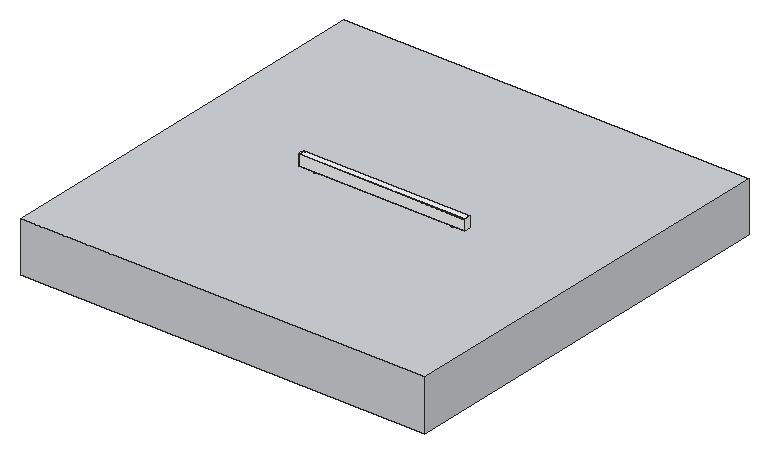
Revit family "en-halla-deli-surfacerfa", category Осветительные приборы, Revit 2017
Family settings
  Основа = Грань
  Размер круглого соединителя = Использовать диаметр
  Тип детали = Нормальный
  Номер OmniClass = 23.80.70.11.11
  Заголовок OmniClass = General Luminaries, Non Directional
  При загрузке вырезать с полостями = Нет
  Источник света = Нет
  Общий = Нет
  Точка расчета площади = Нет
Parameters
  Полная установленная мощность = Power input  # 84 VA
  Youtube clip = ""
  Weight Net (Kg) = "0"
  Изготовитель = "HALLA"  # constant formula
  Default Elevation = 2000 mm
  Voltage = ""
  Uniclass 2.0 Description = "Luminaires And Lamps"
  Uniclass 2.0 Code = "PR-49"
  Uniclass 1.4 Description = "Luminaires and lamps"
  Uniclass 1.4 Code = "JY73"
  URL = "http://www.halla.cz"
  UNSPSC Code = "3911"
  Technical description = ""
  Switched on [instance] = yes
  Switched off [instance] = not(Switched on)  # no
  Suspension height = 10 mm  # constant formula
  Source used = ""
  Source type = ""
  Shape of luminaire = ""
  Region South America = "All"
  Region Oceania = "All"
  Region North America = "All"
  Region Middle East = "All"
  Region Europe = "All"
  Region Asia = "All"
  Region Antarctica = "All"
  Region Africa = "All"
  QR code = "http://file-system.ru/catalog/zdaniya_i_sooruzheniya/interer/osveshchenie/halla_deli_svetilnik/"
  Accessory - right end cap [instance] = yes
  Accessory - left end cap [instance] = yes
  Protection class = ""
  Product group = "DELI"
  Product family = "Indoor Luminaires"
  Product data url = ""
  Product code = ""
  Product certification = ""
  Product URL = ""
  Product SKU = "deli"
  Price (EUR) = 0
  Power input = 84 W
  Description = ""
  Optics type = ""
  Source distance = Lighting length / 4  # 250 mm
  Suspension distance from axis = (Lighting length - Lighting length * 0.08475 * 2) / 2  # 415.25 mm
  Number of sources = 1
  Nominal width = "0.00"
  Nominal height = "0.00"
  NBS Reference Description = "Luminaires And Lamps"
  NBS Reference Code = "49"
  Model = ""
  Material secondary = ""
  Material of luminaire = "Hliník"
  Material main = "Aluminium"
  Manufacturer name = "HALLA"
  Manufacturer country = "Czech Republic"
  Lighting width = 38 mm
  Lighting source distance [instance] = 74.1 mm
  Lighting length = 1000 mm
  Lighting height = 64 mm
  Lighting dimensions = ""
  LED source = yes
  Installation instructions = ""
  Installation instruction = ""
  Initial intensity = ""
  Initial colour = ""
  IP Code = ""
  IFC Classification = "Light Fixture"
  Frequency = ""
  Energy class = ""
  Electric potential = 230 V  # constant formula
  Код по классификатору = "D5020230"
  Edition number = "1"
  EAN code = ""
  EAN = ""
  Lighting surface length = Lighting length / 2  # 500 mm
  Distribution = ""
  Designer = ""
  Design country = "Czech Republic"
  Depth = "38.00"
  Date of publishing = "2014-12-13"
  Data sheet = ""
  Control gear option = ""
  Colour of luminaire = Aluminium - white
  COBIe Type Category = ""
Reference planes
  plane 1 "Střed (vpředu/vzadu)": y = 0
  plane 2: z = 0
  plane 3 "Střed (vlevo/vpravo)": x = 0
  plane 4 "BP_Světlo spodní": z = 10
  plane 5 "BP_Světlo horní": z = 74
  plane 6: x = -500
  plane 7: x = 500
  plane 8 "BP_Zdroj světla": z = 42
  plane 9 "BP_Napojení horní": y = 19
  plane 10: y = -19
Forms (mm)
  Extrusion 1, solid
    sketch origin (0, 0, 0) x (1, 0, 0) y (0, 1, 0)
      loop
        line (-1219.2, 1219.2) -> (-1219.2, -1219.2) -> (1219.2, -1219.2) -> (1219.2, 1219.2) -> (-1219.2, 1219.2)
    from 0 to -304.8
  Extrusion 2, solid, material "Aluminium - white" <- "Colour of luminaire"
    sketch origin (0, 0, 0) x (0, 1, 0) y (0, 0, 1)
      loop
        line (-19, 72) -> (-19, 10) -> (0, 10) -> (19, 10) -> (19, 72) -> (17, 72) -> (17, 11.5) -> (0, 11.5) -> (-17, 11.5) -> (-17, 72) -> (-19, 72)
    from -500 to 500
  Extrusion 3, solid, material "Diffuser - light switched on", visible <- "Switched off"
    sketch origin (0, 0, 0) x (0, 1, 0) y (0, 0, 1)
      loop
        line (17, 68.574) -> (17, 74) -> (-17, 74) -> (-17, 68.574) -> (-15.3, 68.574) -> (-15.3, 72.418) -> (15.3, 72.418) -> (15.3, 68.574) -> (17, 68.574)
    from -500 to 500
  Extrusion 4, solid, material "Diffuser - light switched off", visible <- "Switched on"
    sketch origin (0, 0, 0) x (0, 1, 0) y (0, 0, 1)
      loop
        line (17, 68.574) -> (17, 74) -> (-17, 74) -> (-17, 68.574) -> (-15.3, 68.574) -> (-15.3, 72.418) -> (15.3, 72.418) -> (15.3, 68.574) -> (17, 68.574)
    from -500 to 500
Dimensions and locks
  equal spacing: plane 6, plane 3 "Střed (vlevo/vpravo)", plane 7
  "Lighting length": plane 6 to plane 7
  "Lighting width": plane 9 "BP_Napojení horní" to plane 10
  equal spacing: plane 9 "BP_Napojení horní", plane 1 "Střed (vpředu/vzadu)", plane 10
  equal spacing: plane 5 "BP_Světlo horní", plane 8 "BP_Zdroj světla", plane 4 "BP_Světlo spodní"
  "Suspension height": plane 4 "BP_Světlo spodní" to Extrusion 1
  "Lighting height": plane 5 "BP_Světlo horní" to plane 4 "BP_Světlo spodní"
  "Suspension distance from axis": nested 2 to plane 3 "Střed (vlevo/vpravo)"
  "Suspension distance from axis": plane 3 "Střed (vlevo/vpravo)" to nested 1
  "Source distance": nested 6 to plane 3 "Střed (vlevo/vpravo)"
  "Source distance": plane 3 "Střed (vlevo/vpravo)" to nested 5
  aligned and locked: plane 2 to Extrusion 1
  aligned and locked: level to Extrusion 1
  aligned and locked: Extrusion 2 to plane 7
  aligned and locked: Extrusion 2 to plane 6
  aligned and locked: Extrusion 3 to plane 7
  aligned and locked: Extrusion 3 to plane 6
  aligned and locked: plane 1 "Střed (vpředu/vzadu)" to nested 4
  aligned and locked: nested 4 to plane 6
  aligned and locked: nested 3 to plane 7
  aligned and locked: plane 1 "Střed (vpředu/vzadu)" to nested 3
  aligned and locked: nested 6 to plane 1 "Střed (vpředu/vzadu)"
  aligned and locked: nested 5 to plane 1 "Střed (vpředu/vzadu)"
  aligned and locked: Extrusion 4 to plane 7
  aligned and locked: Extrusion 4 to plane 6
Automatic sketch dimensions
  Extrusion 1 sketch curve to Extrusion 1 sketch curve = 2438.4 mm  (x2)
  Extrusion 2 sketch curve to plane 10 = 0 mm
  Extrusion 2 sketch curve to plane 1 "Střed (vpředu/vzadu)" = 0 mm  (x2)
  Extrusion 2 sketch curve to plane 9 "BP_Napojení horní" = 0 mm
  Extrusion 2 sketch curve to plane 4 "BP_Světlo spodní" = 0 mm
  Extrusion 2 sketch curve to Extrusion 2 sketch curve = 2 mm
  Extrusion 2 sketch curve to plane 9 "BP_Napojení horní" = 2 mm
  Extrusion 2 sketch curve to Extrusion 2 sketch curve = 1.5 mm
  Extrusion 2 sketch curve to plane 5 "BP_Světlo horní" = 2 mm  (x2)
  Extrusion 3 sketch curve to plane 5 "BP_Světlo horní" = 0 mm
  plane 10 to Extrusion 3 sketch curve = 3.7 mm
  Extrusion 3 sketch curve to plane 5 "BP_Světlo horní" = 1.582 mm
  Extrusion 3 sketch curve to plane 9 "BP_Napojení horní" = 3.7 mm
  Extrusion 3 sketch curve to plane 9 "BP_Napojení horní" = 2 mm
  Extrusion 3 sketch curve to Extrusion 3 sketch curve = 3.843 mm  (x2)
  plane 10 to Extrusion 3 sketch curve = 2 mm
  Extrusion 4 sketch curve to plane 5 "BP_Světlo horní" = 0 mm
  plane 10 to Extrusion 4 sketch curve = 2 mm
  Extrusion 4 sketch curve to Extrusion 4 sketch curve = 1.7 mm
  Extrusion 4 sketch curve to plane 5 "BP_Světlo horní" = 1.582 mm
  Extrusion 4 sketch curve to plane 9 "BP_Napojení horní" = 3.7 mm
  Extrusion 4 sketch curve to plane 9 "BP_Napojení horní" = 2 mm
  Extrusion 4 sketch curve to Extrusion 4 sketch curve = 3.843 mm  (x2)
Nested families
  nested 1: "HALLA DELI - accessory - ceiling fastening" at (415.25, 0, 0), type "01-0010, S - silver"
  nested 2: "HALLA DELI - accessory - ceiling fastening" at (-415.25, 0, 0), type "01-0010, S - silver"
  nested 3: "HALLA DELI - accessory - end cap for luminaires with plexi" at (500, 0, 10), Barva svítidla <- "Colour of luminaire", visible <- "Accessory - right end cap", type "01-0016, E - anodised"
    with Barva svítidla Aluminium - white
  nested 4: "HALLA DELI - accessory - end cap for luminaires with plexi" at (-503, 0, 10), Barva svítidla <- "Colour of luminaire", visible <- "Accessory - left end cap", type "01-0016, E - anodised"
    with Barva svítidla Aluminium - white
  nested 5: "DELI - source" at (250, 0, 74.1) x (0, 1, 0) z (0, 0, 1), built-in parameter 1001364 <- "Lighting source distance", type "DELI - source"
  nested 6: "DELI - source" at (-250, 0, 74.1) x (0, 1, 0) z (0, 0, 1), built-in parameter 1001364 <- "Lighting source distance", type "DELI - source"
Connectors
  electrical at (0, 0, 0), driven by "Полная установленная мощность", driven by "Electric potential", driven by "Полная установленная мощность"
    settings: index 1, voltage 230 V, apparent load 84 VA, apparent load phase1 84 VA, apparent load phase2 0 VA, apparent load phase3 0 VA, power factor 1, load classification "Osvětlení", number of poles 1, system type 30, power factor state 0, is connector primary yes, connector utility no, sub classification motor no, connector description ""
Definition of nested family "HALLA DELI - accessory - ceiling fastening"
  Parameters
    Manufacturer = "HALLA"  # constant formula
    Default Elevation = 0 mm
    URL výrobku = "http://www.halla.cz/deli/svitidlo-01-500k-20gee-840-e.html"
    URL = "http.//www.halla.cz"
    Description = "Příslušenství ke svítidlům HALLA DELI"  # constant formula
    Model = "Stropní úchyt"
    Kód výrobku = "01-0010, S"
    Assembly Code = "D5020200"
    Keynote = ""
    EAN = ""
    Copyright = "Pro HALLA, s.r.o., vytvořil BIM Project s.r.o."  # constant formula
    Barva svítidla = none
  Reference planes
    plane 1 "Střed (vpředu/vzadu)": y = 0
    plane 2: z = 0
    plane 3 "Střed (vlevo/vpravo)": x = 0
    plane 4: z = 10
  Forms (mm)
    Extrusion 1, solid, material <- "Barva svítidla"
      sketch origin (0, 0, 0) x (1, 0, 0) y (0, 1, 0)
        loop
          circle (0, 0) r 10
      from 0 to 10
  Dimensions and locks
    aligned and locked: level to plane 2
Definition of nested family "HALLA DELI - accessory - end cap for luminaires with plexi"
  Parameters
    Manufacturer = "HALLA"  # constant formula
    Default Elevation = 0 mm
    URL výrobku = "http://www.halla.cz/deli/svitidlo-01-050k-1054ei-e.html"
    URL = "http.//www.halla.cz"
    Description = "Příslušenství ke svítidlům HALLA DELI"  # constant formula
    Model = "Koncovka pro systémová závěsná svítidla s plexi, kov"
    Kód výrobku = "01-0016, E"
    Assembly Code = "D5020200"
    Keynote = ""
    EAN = ""
    Designér = ""
    Copyright = "Pro HALLA, s.r.o., vytvořil BIM Project s.r.o."  # constant formula
    Barva svítidla [instance] = none
  Reference planes
    plane 1 "Střed (vpředu/vzadu)": y = 0
    plane 2: z = 0
    plane 3 "Střed (vlevo/vpravo)": x = 0
    plane 4: z = 0
    plane 5: z = 64
    plane 6: x = 3
  Forms (mm)
    Extrusion 1, solid, material <- "Barva svítidla"
      sketch origin (0, 0, 0) x (0, 1, 0) y (0, 0, 1)
        loop
          line (0, 64) -> (-19, 64) -> (-19, 0) -> (19, 0) -> (19, 64) -> (0, 64)
      from 0 to 3
  Dimensions and locks
    locked: plane 5 to plane 4 at 64
    plane 4 to level = 0 mm
    aligned and locked: level to plane 2
  Automatic sketch dimensions
    Extrusion 1 sketch curve to plane 4 = 0 mm
    Extrusion 1 sketch curve to plane 1 "Střed (vpředu/vzadu)" = 0 mm
    Extrusion 1 sketch curve to plane 5 = 0 mm
    plane 1 "Střed (vpředu/vzadu)" to Extrusion 1 sketch curve = 19 mm
    Extrusion 1 sketch curve to plane 1 "Střed (vpředu/vzadu)" = 19 mm
Definition of nested family "DELI - source"
  Parameters
    built-in parameter 1150104 = 13.8 (stored number, unit not read)
    Tilt Angle = -90.00°
    built-in parameter 1150112 = 1 (stored number, unit not read)
    built-in parameter 1114218 = 1 (stored number, unit not read)
    built-in parameter 1150109 = 1 (stored number, unit not read)
    built-in parameter 1150110 = 1 (stored number, unit not read)
    built-in parameter 1150133 = 10 (stored number, unit not read)
    built-in parameter 1150134 = 3
    Lumens = 1380 lm
    Photometric Web File = "DELI 01-530K-1014E-P.IES"
    Wattage = 9.2903 W
    built-in parameter 1150107 = 3200 (stored number, unit not read)
    built-in parameter 1150102 = (empty or 0)
    built-in parameter 1150138 = (empty or 0)
    Dimming Lamp Color Temperature Shift = (empty or 0)
    built-in parameter 1150114 = 1 (stored number, unit not read)
    built-in parameter 1150115 = 1 (stored number, unit not read)
    built-in parameter 1150106 = 1.0982 (stored number, unit not read)
    built-in parameter 1150137 = (empty or 0)
    built-in parameter 1150132 = 2
    built-in parameter 1150105 = 109.82 (stored number, unit not read)
    built-in parameter 1150139 = (empty or 0)
    built-in parameter 1150113 = 1 (stored number, unit not read)
    Emit from Rectangle Width = 1121 mm
    Emit from Rectangle Length = 38 mm
    Emit Shape Visible in Rendering = yes
    built-in parameter 1114217 = 1 (stored number, unit not read)
    Color Filter = 16777215
  Reference planes
    plane 1 "Střed (vpředu/vzadu)": y = 0
    plane 2: z = 0
    plane 3 "Střed (vlevo/vpravo)": x = 0
  Lines and regions (mm)
    model lines, not visible
      curve 1: line (0, 0, 0) -> (0, 320, 0)
      curve 2: line (0, 0, 0) -> (340, 0, 0)
  Dimensions and locks
    aligned and locked: level to plane 2
    aligned and locked: plane 1 "Střed (vpředu/vzadu)" to curve 2
